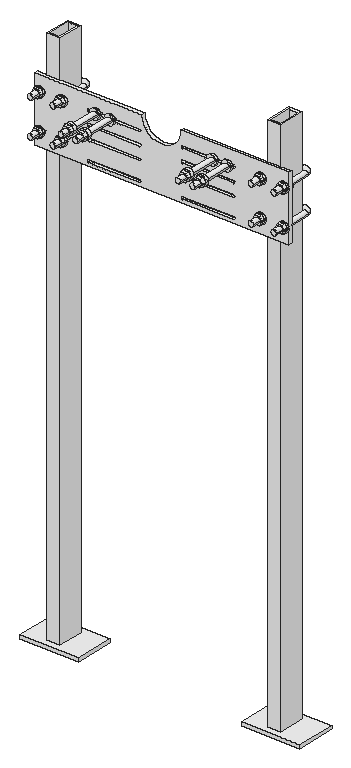
Revit family "Plumbing Fixture-Water_Closet_Carrier_Mifab_MC-31D", category Plumbing Fixtures, host Face, Revit 2013
Parameters
  WFU = 0
  URL = "www.mifab.com"
  Model = "MC-31D"
  Manufacturer = "MIFAB"
  Floor Drain Material = Paint - Sherwin Williams Paint - #952C2A - Bellwood Red
  Description = "Back To Back Single Hanger Plate Carrier With Two Uprights"
  Default Elevation = 0.000"
  Assembly Code = ""
Reference planes (in)
  plane 1 "Center (Front/Back)": y = 0
  plane 2: z = 0
  plane 3 "Center (Left/Right)": x = 0
Forms (in)
  Extrusion 1, solid, material "Paint - Sherwin Williams Paint - #952C2A - Bellwood Red" <- "Floor Drain Material"
    sketch origin (0.125, 0, 0) x (1, 0, 0) y (0, 1, 0)
      loop
        line (-10.75, 1.5) -> (-10.75, -1.5) -> (-6.25, -1.5) -> (-6.25, 1.5) -> (-10.75, 1.5)
      loop
        line (10.75, 1.5) -> (6.25, 1.5) -> (6.25, -1.5) -> (10.75, -1.5) -> (10.75, 1.5)
    from 0 to 0.25
  Extrusion 2, solid, material "Paint - Sherwin Williams Paint - #952C2A - Bellwood Red" <- "Floor Drain Material"
    sketch origin (0, 0, 0) x (1, 0, 0) y (0, 1, 0)
      loop
        line (-9, 1) -> (-9, -1) -> (-8, -1) -> (-8, 1) -> (-9, 1)
      loop
        line (9, 1) -> (8, 1) -> (8, -1) -> (9, -1) -> (9, 1)
      loop
        line (-8.875, 0.875) -> (-8.875, -0.875) -> (-8.125, -0.875) -> (-8.125, 0.875) -> (-8.875, 0.875)
      loop
        line (8.875, 0.875) -> (8.125, 0.875) -> (8.125, -0.875) -> (8.875, -0.875) -> (8.875, 0.875)
    from 0.25 to 42
  Extrusion 3, solid, material "Paint - Sherwin Williams Paint - #952C2A - Bellwood Red" <- "Floor Drain Material"
    sketch origin (0.04675, -1.5, 0) x (1, 0, 0) y (0, 0, 1)
      loop
        line (-9.75, 39.14334) -> (-9.75, 34.14334) -> (9.75, 34.14334) -> (9.75, 39.14334) -> (1.5, 39.14334)
        arc (1.5, 39.14334) -> (0, 37.64334) -> (-1.5, 39.14334) r 1.5
        line (-1.5, 39.14334) -> (-9.75, 39.14334)
      loop
        circle (9.37144, 38.01834) r 0.25
      loop
        circle (7.62856, 38.01834) r 0.25
      loop
        circle (-9.37144, 38.01834) r 0.25
      loop
        circle (-7.62856, 38.01834) r 0.25
      loop
        line (5.54399, 38.14334) -> (5.275, 38.14334)
        arc (5.275, 38.14334) -> (5.05994, 38.26587) -> (4.84488, 38.14334) r 0.25
        line (4.84488, 38.14334) -> (4.15512, 38.14334)
        arc (4.15512, 38.14334) -> (3.94006, 38.26587) -> (3.725, 38.14334) r 0.25
        line (3.725, 38.14334) -> (1.66899, 38.14334)
        arc (1.66899, 38.14334) -> (1.54399, 38.01834) -> (1.66899, 37.89334) r 0.125
        line (1.66899, 37.89334) -> (3.72215, 37.89334)
        arc (3.72215, 37.89334) -> (3.94006, 37.76587) -> (4.15797, 37.89334) r 0.25
        line (4.15797, 37.89334) -> (4.84203, 37.89334)
        arc (4.84203, 37.89334) -> (5.05994, 37.76587) -> (5.27785, 37.89334) r 0.25
        line (5.27785, 37.89334) -> (5.54399, 37.89334)
        arc (5.54399, 37.89334) -> (5.66899, 38.01834) -> (5.54399, 38.14334) r 0.125
      loop
        arc (-5.54399, 38.14334) -> (-5.66899, 38.01834) -> (-5.54399, 37.89334) r 0.125
        line (-5.54399, 37.89334) -> (-5.27785, 37.89334)
        arc (-5.27785, 37.89334) -> (-5.05994, 37.76587) -> (-4.84203, 37.89334) r 0.25
        line (-4.84203, 37.89334) -> (-4.15797, 37.89334)
        arc (-4.15797, 37.89334) -> (-3.94006, 37.76587) -> (-3.72215, 37.89334) r 0.25
        line (-3.72215, 37.89334) -> (-1.66899, 37.89334)
        arc (-1.66899, 37.89334) -> (-1.54399, 38.01834) -> (-1.66899, 38.14334) r 0.125
        line (-1.66899, 38.14334) -> (-3.725, 38.14334)
        arc (-3.725, 38.14334) -> (-3.94006, 38.26587) -> (-4.15512, 38.14334) r 0.25
        line (-4.15512, 38.14334) -> (-4.84488, 38.14334)
        arc (-4.84488, 38.14334) -> (-5.05994, 38.26587) -> (-5.275, 38.14334) r 0.25
        line (-5.275, 38.14334) -> (-5.54399, 38.14334)
      loop
        line (5.54399, 37.14334) -> (5.275, 37.14334) -> (1.66899, 37.14334)
        arc (1.66899, 37.14334) -> (1.54399, 37.01834) -> (1.66899, 36.89334) r 0.125
        line (1.66899, 36.89334) -> (5.27785, 36.89334) -> (5.54399, 36.89334)
        arc (5.54399, 36.89334) -> (5.66899, 37.01834) -> (5.54399, 37.14334) r 0.125
      loop
        arc (-5.54399, 37.14334) -> (-5.66899, 37.01834) -> (-5.54399, 36.89334) r 0.125
        line (-5.54399, 36.89334) -> (-5.27785, 36.89334) -> (-1.66899, 36.89334)
        arc (-1.66899, 36.89334) -> (-1.54399, 37.01834) -> (-1.66899, 37.14334) r 0.125
        line (-1.66899, 37.14334) -> (-5.275, 37.14334) -> (-5.54399, 37.14334)
      loop
        line (5.54399, 34.64334) -> (5.275, 34.64334) -> (1.66899, 34.64334)
        arc (1.66899, 34.64334) -> (1.54399, 34.51834) -> (1.66899, 34.39334) r 0.125
        line (1.66899, 34.39334) -> (5.27785, 34.39334) -> (5.54399, 34.39334)
        arc (5.54399, 34.39334) -> (5.66899, 34.51834) -> (5.54399, 34.64334) r 0.125
      loop
        arc (-5.54399, 34.64334) -> (-5.66899, 34.51834) -> (-5.54399, 34.39334) r 0.125
        line (-5.54399, 34.39334) -> (-5.27785, 34.39334) -> (-1.66899, 34.39334)
        arc (-1.66899, 34.39334) -> (-1.54399, 34.51834) -> (-1.66899, 34.64334) r 0.125
        line (-1.66899, 34.64334) -> (-5.275, 34.64334) -> (-5.54399, 34.64334)
      loop
        line (5.54399, 36.14334) -> (5.275, 36.14334) -> (1.66899, 36.14334)
        arc (1.66899, 36.14334) -> (1.54399, 36.01834) -> (1.66899, 35.89334) r 0.125
        line (1.66899, 35.89334) -> (5.27785, 35.89334) -> (5.54399, 35.89334)
        arc (5.54399, 35.89334) -> (5.66899, 36.01834) -> (5.54399, 36.14334) r 0.125
      loop
        arc (-5.54399, 36.14334) -> (-5.66899, 36.01834) -> (-5.54399, 35.89334) r 0.125
        line (-5.54399, 35.89334) -> (-5.27785, 35.89334) -> (-1.66899, 35.89334)
        arc (-1.66899, 35.89334) -> (-1.54399, 36.01834) -> (-1.66899, 36.14334) r 0.125
        line (-1.66899, 36.14334) -> (-5.275, 36.14334) -> (-5.54399, 36.14334)
      loop
        circle (-9.37144, 35.26834) r 0.25
      loop
        circle (-7.62856, 35.26834) r 0.25
      loop
        circle (9.37144, 35.26834) r 0.25
      loop
        circle (7.62856, 35.26834) r 0.25
    from -0.5 to -0.25
  Sweep 4, solid, material "Paint - Sherwin Williams Paint - #952C2A - Bellwood Red" <- "Floor Drain Material"
    path origin (0.06527, 0, 0.38881) x (1, 0, 0) y (0, 1, 0)
      loop
        line (-9.37144, -2.1899) -> (-9.37144, 0.8101)
        arc (-9.37144, 0.8101) -> (-9.2426, 1.12116) -> (-8.93154, 1.25) r 0.4399
        line (-8.93154, 1.25) -> (-8.06846, 1.25)
        arc (-8.06846, 1.25) -> (-7.7574, 1.12116) -> (-7.62856, 0.8101) r 0.4399
        line (-7.62856, 0.8101) -> (-7.62856, -2.1899)
    profile origin (-9.30617, -0.6899, 0.38881) x (-1, 0, 0) y (0, 0, 1)
      loop
        circle (0, 37.63699) r 0.2
  Sweep 5, solid, material "Paint - Sherwin Williams Paint - #952C2A - Bellwood Red" <- "Floor Drain Material"
    path origin (0.03706, 0, 0.38142) x (-1, 0, 0) y (0, 1, 0)
      loop
        line (-9.37144, -2.1899) -> (-9.37144, 0.8101)
        arc (-9.37144, 0.8101) -> (-9.2426, 1.12116) -> (-8.93154, 1.25) r 0.4399
        line (-8.93154, 1.25) -> (-8.06846, 1.25)
        arc (-8.06846, 1.25) -> (-7.7574, 1.12116) -> (-7.62856, 0.8101) r 0.4399
        line (-7.62856, 0.8101) -> (-7.62856, -2.1899)
    profile origin (9.4085, -0.6899, 0.38142) x (-1, 0, 0) y (0, 0, 1)
      loop
        circle (0, 37.63699) r 0.2
  Extrusion 6, solid, material "Paint - Sherwin Williams Paint - #952C2A - Bellwood Red" <- "Floor Drain Material"
    sketch origin (0.04675, 0, 1.74458) x (1, 0, 0) y (0, 0, 1)
      loop
        circle (-9.37144, 36.25) r 0.37861
      loop
        circle (-7.62856, 36.25) r 0.37861
      loop
        circle (7.62856, 36.25) r 0.37861
      loop
        circle (9.37144, 36.25) r 0.37861
    from 1.25 to 1.375
  Extrusion 7, solid, material "Paint - Sherwin Williams Paint - #952C2A - Bellwood Red" <- "Floor Drain Material"
    sketch origin (-0.0216, -2.25, 1.78988) x (1, 0, 0) y (0, 0, -1)
      loop
        circle (-9.30033, -36.20426) r 0.37861
      loop
        circle (-7.56893, -36.1998) r 0.37861
      loop
        circle (7.6923, -36.20619) r 0.37861
      loop
        circle (9.43703, -36.20677) r 0.37861
    from 1.25 to 1.375
  Extrusion 8, solid, material "Paint - Sherwin Williams Paint - #952C2A - Bellwood Red" <- "Floor Drain Material"
    sketch origin (0.04675, 0, 1.7656) x (1, 0, 0) y (0, 0, 1)
      loop
        line (9.19891, 36.54883) -> (9.02638, 36.25) -> (9.19891, 35.95117) -> (9.54397, 35.95117) -> (9.7165, 36.25) -> (9.54397, 36.54883) -> (9.19891, 36.54883)
      loop
        line (7.45603, 36.54883) -> (7.2835, 36.25) -> (7.45603, 35.95117) -> (7.80109, 35.95117) -> (7.97362, 36.25) -> (7.80109, 36.54883) -> (7.45603, 36.54883)
      loop
        circle (9.37144, 36.25) r 0.2
      loop
        circle (7.62856, 36.25) r 0.2
      loop
        line (-9.19891, 36.54883) -> (-9.54397, 36.54883) -> (-9.7165, 36.25) -> (-9.54397, 35.95117) -> (-9.19891, 35.95117) -> (-9.02638, 36.25) -> (-9.19891, 36.54883)
      loop
        line (-7.45603, 36.54883) -> (-7.80109, 36.54883) -> (-7.97362, 36.25) -> (-7.80109, 35.95117) -> (-7.45603, 35.95117) -> (-7.2835, 36.25) -> (-7.45603, 36.54883)
      loop
        circle (-9.37144, 36.25) r 0.2
      loop
        circle (-7.62856, 36.25) r 0.2
    from 1.375 to 1.625
  Extrusion 9, solid, material "Paint - Sherwin Williams Paint - #952C2A - Bellwood Red" <- "Floor Drain Material"
    sketch origin (0.04048, -0.09951, 0.37234) x (1, 0, 0) y (0, 0, 1)
      loop
        circle (-3.94006, 37.62253) r 0.2
      loop
        circle (-5.05994, 37.62253) r 0.2
      loop
        circle (3.94006, 37.62253) r 0.2
      loop
        circle (5.05994, 37.62253) r 0.2
    from 0.73281 to 4.48435
  Extrusion 10, solid, material "Paint - Sherwin Williams Paint - #952C2A - Bellwood Red" <- "Floor Drain Material"
    sketch origin (4.35826, 0, -1.17807) x (1, 0, 0) y (0, 0, 1)
      loop
        circle (-9.37144, 39.17286) r 0.37857
      loop
        circle (-8.25156, 39.17286) r 0.37857
      loop
        circle (-0.37144, 39.17286) r 0.37857
      loop
        circle (0.74844, 39.17286) r 0.37857
    from 1.25 to 1.375
  Extrusion 11, solid, material "Paint - Sherwin Williams Paint - #952C2A - Bellwood Red" <- "Floor Drain Material"
    sketch origin (4.35213, -2.22547, -1.14895) x (1, 0, 0) y (0, 0, 1)
      loop
        circle (-9.37144, 39.17286) r 0.37857
      loop
        circle (-8.25156, 39.17286) r 0.37857
      loop
        circle (-0.37144, 39.17286) r 0.37857
      loop
        circle (0.74844, 39.17286) r 0.37857
    from 1.35839 to 1.57683
  Sweep 12, solid, material "Paint - Sherwin Williams Paint - #952C2A - Bellwood Red" <- "Floor Drain Material"
    path origin (0.06527, 0, -2.36119) x (1, 0, 0) y (0, 1, 0)
      loop
        line (-9.37144, -2.1899) -> (-9.37144, 0.8101)
        arc (-9.37144, 0.8101) -> (-9.2426, 1.12116) -> (-8.93154, 1.25) r 0.4399
        line (-8.93154, 1.25) -> (-8.06846, 1.25)
        arc (-8.06846, 1.25) -> (-7.7574, 1.12116) -> (-7.62856, 0.8101) r 0.4399
        line (-7.62856, 0.8101) -> (-7.62856, -2.1899)
    profile origin (-9.30617, -0.6899, -2.36119) x (-1, 0, 0) y (0, 0, 1)
      loop
        circle (0, 37.63699) r 0.2
  Sweep 13, solid, material "Paint - Sherwin Williams Paint - #952C2A - Bellwood Red" <- "Floor Drain Material"
    path origin (0.03706, 0, -2.36858) x (-1, 0, 0) y (0, 1, 0)
      loop
        line (-9.37144, -2.1899) -> (-9.37144, 0.8101)
        arc (-9.37144, 0.8101) -> (-9.2426, 1.12116) -> (-8.93154, 1.25) r 0.4399
        line (-8.93154, 1.25) -> (-8.06846, 1.25)
        arc (-8.06846, 1.25) -> (-7.7574, 1.12116) -> (-7.62856, 0.8101) r 0.4399
        line (-7.62856, 0.8101) -> (-7.62856, -2.1899)
    profile origin (9.4085, -0.6899, -2.36858) x (-1, 0, 0) y (0, 0, 1)
      loop
        circle (0, 37.63699) r 0.2
  Extrusion 14, solid, material "Paint - Sherwin Williams Paint - #952C2A - Bellwood Red" <- "Floor Drain Material"
    sketch origin (0.04675, 0, -1.00542) x (1, 0, 0) y (0, 0, 1)
      loop
        circle (-9.37144, 36.25) r 0.37861
      loop
        circle (-7.62856, 36.25) r 0.37861
      loop
        circle (7.62856, 36.25) r 0.37861
      loop
        circle (9.37144, 36.25) r 0.37861
    from 1.25 to 1.375
  Extrusion 15, solid, material "Paint - Sherwin Williams Paint - #952C2A - Bellwood Red" <- "Floor Drain Material"
    sketch origin (0.04675, 0, -0.9844) x (1, 0, 0) y (0, 0, 1)
      loop
        line (9.19891, 36.54883) -> (9.02638, 36.25) -> (9.19891, 35.95117) -> (9.54397, 35.95117) -> (9.7165, 36.25) -> (9.54397, 36.54883) -> (9.19891, 36.54883)
      loop
        line (7.45603, 36.54883) -> (7.2835, 36.25) -> (7.45603, 35.95117) -> (7.80109, 35.95117) -> (7.97362, 36.25) -> (7.80109, 36.54883) -> (7.45603, 36.54883)
      loop
        circle (9.37144, 36.25) r 0.2
      loop
        circle (7.62856, 36.25) r 0.2
      loop
        line (-9.19891, 36.54883) -> (-9.54397, 36.54883) -> (-9.7165, 36.25) -> (-9.54397, 35.95117) -> (-9.19891, 35.95117) -> (-9.02638, 36.25) -> (-9.19891, 36.54883)
      loop
        line (-7.45603, 36.54883) -> (-7.80109, 36.54883) -> (-7.97362, 36.25) -> (-7.80109, 35.95117) -> (-7.45603, 35.95117) -> (-7.2835, 36.25) -> (-7.45603, 36.54883)
      loop
        circle (-9.37144, 36.25) r 0.2
      loop
        circle (-7.62856, 36.25) r 0.2
    from 1.375 to 1.625
  Extrusion 16, solid, material "Paint - Sherwin Williams Paint - #952C2A - Bellwood Red" <- "Floor Drain Material"
    sketch origin (4.35213, -3.8023, -1.14895) x (1, 0, 0) y (0, 0, 1)
      loop
        circle (-9.3716, 39.14382) r 0.2
      loop
        circle (-8.25172, 39.14382) r 0.2
      loop
        circle (-0.3716, 39.14382) r 0.2
      loop
        circle (0.74828, 39.14382) r 0.2
      loop
        line (-9.54047, 39.44265) -> (-9.713, 39.14382) -> (-9.54047, 38.84499) -> (-9.19541, 38.84499) -> (-9.02288, 39.14382) -> (-9.19541, 39.44265) -> (-9.54047, 39.44265)
      loop
        line (-8.42425, 39.44265) -> (-8.59678, 39.14382) -> (-8.42425, 38.84499) -> (-8.07919, 38.84499) -> (-7.90666, 39.14382) -> (-8.07919, 39.44265) -> (-8.42425, 39.44265)
      loop
        line (-0.54413, 39.44265) -> (-0.71666, 39.14382) -> (-0.54413, 38.84499) -> (-0.19907, 38.84499) -> (-0.02654, 39.14382) -> (-0.19907, 39.44265) -> (-0.54413, 39.44265)
      loop
        line (0.57575, 39.44265) -> (0.40322, 39.14382) -> (0.57575, 38.84499) -> (0.92081, 38.84499) -> (1.09334, 39.14382) -> (0.92081, 39.44265) -> (0.57575, 39.44265)
    from 0 to 0.2895
Cuts and joins
  joined: Extrusion 1, Extrusion 2, Extrusion 3, Sweep 4, Sweep 5, Extrusion 8, Extrusion 9, Extrusion 11
Dimensions and locks (in)
  Extrusion 3 sketch curve to Extrusion 3 sketch curve = 5.000"
  Extrusion 2 to plane 3 "Center (Left/Right)" to Extrusion 2 = 9.000" locked, 9.000" locked
  aligned and locked: plane 2 to host face
  aligned and locked: level to host face
  aligned and locked: Extrusion 2 to Extrusion 1
  aligned and locked: Extrusion 3 to Extrusion 2
  aligned and locked: Extrusion 6 to Extrusion 3
  aligned and locked: Extrusion 8 to Extrusion 6
  aligned and locked: Extrusion 1 to level
  aligned and locked: Extrusion 15 to Extrusion 14
  aligned and locked: Extrusion 16 sketch curve to cut or joined group of Extrusion 1, Extrusion 2, Extrusion 3, Sweep 4, Sweep 5, Extrusion 8, Extrusion 9, Extrusion 11  (x7)
